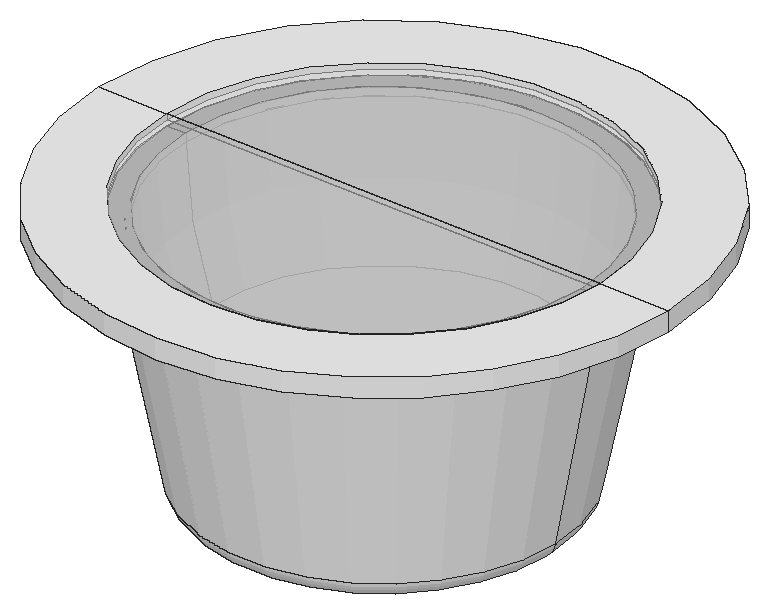
Revit family "2060560+2039013 Sylvania Lighting Fixture ASCENT 100 II ARCH 2700 3K STD 160 with IP54 PC Cover", category Lighting Fixtures, host Face, Revit 2016
Family settings
  Host = Face
  Part Type = Normal
  Round Connector Dimension = Use Diameter
  OmniClass Number = 23.80.70.11.17
  OmniClass Title = Specialized Lighting by Location or Use
  Cut with Voids When Loaded = No
  Light Source = Yes
  Shared = No
  Room Calculation Point = No
Parameters (values of type "2060560+2039013 ASCT100 II ARCH 2700 3K STD 160 with IP54 PC Cover")
  WidthBezelAcc_SYL = 25.0 mm
  Weight = "1.2 kg"
  Wattage = 21 W
  WarrantyStartDate [instance] = "n/a"
  WarrantyGuarantorParts = "n/a"
  WarrantyDurationUnit = "n/a"
  WarrantyDurationParts = "n/a"
  WarrantyDescription = "n/a"
  built-in parameter 1150110 = 1 (stored number, unit not read)
  Voltage = 0 V
  VisibilityAccessory_SYL = yes
  TypeName = "ASCENT 100 II ARCH 2700 3K STD 160 with IP54 PC Cover"
  built-in parameter 1114217 = 1 (stored number, unit not read)
  Tilt Angle = -90°
  built-in parameter 1150109 = 1 (stored number, unit not read)
  built-in parameter 1150134 = (empty or 0)
  built-in parameter 1150113 = 1 (stored number, unit not read)
  SerialNumber [instance] = "n/a"
  ReflectorRadius_SYL = Radius_SYL - 14.5 mm  # 80.0 mm
  RadiusAcc_SYL = 105.0 mm
  Radius_SYL = 94.5 mm
  URL = "http://www.sylvania-lighting.com"
  PowerFactor = 0
  PowerConsumption = "21 W"
  Photometric Web File = "2060560.ies"
  NominalWidth = 0.0 mm
  NominalLength = 0.0 mm
  NominalHeight = 94.0 mm
  Name = "ASCENT 100 II ARCH 2700 3K STD 160 with IP54 PC Cover"
  ModelReference = "ASCENT 100 II ARCH 2700 3K STD 160 with IP54 PC Cover"
  ModelNumber = "2060560+2039013"
  Material_4_SYL = none
  Material_3_SYL = Polycarbonate_Sylvania_Ascent_Clear
  Material_2_SYL = Aluminium_Sylvania_Ascent_Silver
  Material_1_SYL = Aluminum_Sylvania_Ascent_White
  Material = "aluminium housing, arcylic diffuser"
  ManufacturerName = "Feilo Sylvania"
  LuminousEfficacy = "126 lm/W"
  built-in parameter 1150105 = 210.56 (stored number, unit not read)
  Lumens = 2646 lm
  LuminaireType = ""
  built-in parameter 1150115 = 1 (stored number, unit not read)
  LightOutputRatio = "100"
  built-in parameter 1150137 = (empty or 0)
  built-in parameter 1150139 = (empty or 0)
  LampsType = Lamp  # "LED"
  LampNominalLuminous = "2649 lm"
  LampMacAdamStep = "3"
  LampColourTemperature = "3000 K"
  LampColourRenderingIndex = "80"
  built-in parameter 1150112 = 1 (stored number, unit not read)
  built-in parameter 1150114 = 1 (stored number, unit not read)
  Keynote = "16500"
  InstallationDate [instance] = "n/a"
  InputVoltage = "n/a"
  InputNominalFrequency = "n/a"
  built-in parameter 1150132 = (empty or 0)
  built-in parameter 1150102 = (empty or 0)
  built-in parameter 1150107 = 3000 (stored number, unit not read)
  built-in parameter 1150138 = (empty or 0)
  IngressProtection = "IP54"
  ImpactProtectionIndex = "IK02"
  built-in parameter 1150106 = 2.1056 (stored number, unit not read)
  IfcExportType = "IfcLightFixtureType"
  IfcExportAs = "IfcLightFixtureType"
  Height_SYL = 94.0 mm
  HeightAcc_SYL = 7.0 mm
  ExpectedLife = 50000
  EmittionSurface_SYL = if(VisibilityAccessory_SYL, 7.0 mm, 3.0 mm)  # 7.0 mm
  Emit from Circle Diameter = DiffuserRadius_SYL * 2  # 146.0 mm
  Emit Shape Visible in Rendering = no
  ElectricShockClassification = "Class II"
  built-in parameter 1150104 = 11.706 (stored number, unit not read)
  DurationUnit = "hours"
  DocumentationLiterature = "http://www.sylvania-lighting.com/product/en-int/products/2060560"
  DimmingControlOptions = "n/a"
  Dimming Lamp Color Temperature Shift = <None>
  DiffuserRadius_SYL = ReflectorRadius_SYL - 7.0 mm  # 73.0 mm
  Diameter_SYL = 2 * Radius_SYL  # 189.0 mm
  CutoutDiameter_SYL = Diameter_SYL - 13.0 mm  # 176.0 mm
  CreatedOn = "9/17/2018"
  CreatedBy = "@sylvania-lighting.com"
  Color Filter = 16777215
  built-in parameter 1114216 [instance] = 1 (stored number, unit not read)
  Model = "ASCENT 100 II ARCH 2700 3K STD 160 with IP54 PC Cover"
  Manufacturer = "Feilo Sylvania"
  Lamp = "LED"
  Description = "Direct LED retro fit for original LED 100 Arch (160) single CFL lamp offering Matching lumen levels and improved light distribution of original LED 100 CFL lamp equivalents Typically half the power consumption compared to CFL Up to 112lm/W 160mm aperture Architectural reflector accepts range of glass accessories from existing LED 100 Arch 160 offering HE, HO and VHO versions equivalent of single 1 x 18W, 1 x 32W, 1 x 42W\r\n Additional VVHO versions which offer the performance circa 2 x 32W equivalent"  # constant formula
  Default Elevation = 0.0 mm
  built-in parameter 1140040 [instance] = 1
  BarCode [instance] = "n/a"
  built-in parameter 1114218 = 1 (stored number, unit not read)
  built-in parameter 1150133 = 10 (stored number, unit not read)
  AssetType = "Fixed"
  AssetIdentifier [instance] = "n/a"
  Assembly Code = "D5020200"
  Apparent Load = 21 VA
  Aperture_SYL = 2 * ReflectorRadius_SYL  # 160.0 mm
Reference planes
  plane 1 "Center (Front/Back)": y = 0
  plane 2: z = 0
  plane 3 "Center (Left/Right)": x = 0
  plane 4 "Fixture Bottom": z = 3
  plane 5: z = -52.5
  plane 6 "Fixture Top": z = -91
  plane 7: x = -105
  plane 8: z = 7
  plane 9: x = -80
  plane 10: z = 5
  plane 11: x = -103
Forms (mm)
  Extrusion 1, solid, material "Aluminum_Sylvania_Ascent_White", detail levels fine
    sketch origin (0, 0, 0) x (1, 0, 0) y (0, 1, 0)
      loop
        circle (0, 0) r 94.5
      loop
        circle (0, 0) r 80
    from 0 to 3
  Extrusion 2, void
    sketch origin (0, 0, 0) x (1, 0, 0) y (0, 1, 0)
      loop
        circle (0, 0) r 88
    from -91 to 3
  Revolve 3, solid, material "Aluminum_Sylvania_Ascent_White" <- "Material_1_SYL", detail levels fine
    sketch origin (0, 0, 0) x (1, 0, 0) y (0, 0, 1)
      loop
        line (0, -91.073) -> (0, -89.023) -> (-55.468, -89.014)
        arc (-55.468, -89.014) -> (-59.352, -87.613) -> (-61.54, -84.139) r 6.307
        line (-61.54, -84.139) -> (-77.991, -2.844) -> (-77.991, 0) -> (-80, 0) -> (-80, -3) -> (-63.5, -84.536)
        arc (-63.5, -84.536) -> (-60.643, -89.203) -> (-55.5, -91.073) r 8.291
        line (-55.5, -91.073) -> (0, -91.073)
      axis (0, 0) -> (0, -91.073)
    angle from 0 to 360
  Revolve 4, solid, material "Aluminium_Sylvania_Ascent_Silver" <- "Material_2_SYL", detail levels fine
    sketch origin (0, 0, 0) x (1, 0, 0) y (0, 0, 1)
      loop
        line (-80, 3) -> (-80, 0) -> (-75, 0)
        arc (-75, 0) -> (-72.349, -26.77) -> (-64.5, -52.5) r 136.5
        line (-64.5, -52.5) -> (-58, -52.5)
        arc (-58, -52.5) -> (-56.857, -61.521) -> (-53.5, -69.971) r 36.166
        line (-53.5, -69.971) -> (0, -69.971) -> (0, -50.5) -> (-63.16, -50.5)
        arc (-63.16, -50.5) -> (-70.517, -25.725) -> (-73, 0) r 134.5
        line (-73, 0) -> (-73, 3) -> (-80, 3)
      axis (0, 3) -> (0, -69.971)
    angle from 0 to 360
  Extrusion 5, solid, material "Polycarbonate_Sylvania_Ascent_Clear" <- "Material_3_SYL", detail levels fine
    sketch origin (0, 0, 0) x (1, 0, 0) y (0, 1, 0)
      loop
        circle (0, 0) r 73
    from 0 to 3
  Revolve 6, solid, material "Aluminum_Sylvania_Ascent_White" <- "Material_1_SYL", detail levels coarse+medium
    sketch origin (0, 0, 0) x (1, 0, 0) y (0, 0, 1)
      loop
        line (0, -91.073) -> (0, 3) -> (-94.5, 3) -> (-94.5, 0) -> (-79.5, 0) -> (-79.5, -3) -> (-63, -84.536)
        arc (-63, -84.536) -> (-60.143, -89.203) -> (-55, -91.073) r 8.291
        line (-55, -91.073) -> (0, -91.073)
      axis (0, 3) -> (0, -91.073)
    angle from 0 to 360
  Revolve 7, solid, material "Aluminum_Sylvania_Ascent_White" <- "Material_1_SYL", visible <- "VisibilityAccessory_SYL"
    sketch origin (0, 0, 0) x (1, 0, 0) y (0, 0, 1)
      loop
        line (-105, 0) -> (-103, 0) -> (-103, 5) -> (-80, 5) -> (-80, 7) -> (-105, 7) -> (-105, 0)
      axis (0, 7) -> (0, 0)
    angle from 0 to 360
  Revolve 8, solid, material "Polycarbonate_Sylvania_Ascent_Clear" <- "Material_3_SYL", visible <- "VisibilityAccessory_SYL"
    sketch origin (0, 0, 0) x (1, 0, 0) y (0, 0, 1)
      loop
        line (-80, 7) -> (-80, 5) -> (0, 5) -> (0, 7) -> (-80, 7)
      axis (0, 7) -> (0, 5)
    angle from 0 to 360
Lines and regions (mm)
  reference lines
    curve 1: line (-150, 0, 7) -> (125, 0, 7)
Dimensions and locks
  locked: plane 4 "Fixture Bottom" to plane 2 at 3
  "Height_SYL": plane 4 "Fixture Bottom" to plane 6 "Fixture Top"
  "ReflectorRadius_SYL": plane 3 "Center (Left/Right)" to Revolve 4 sketch curve
  locked: Revolve 4 sketch curve to Revolve 4 sketch curve at 15.5
  locked: Revolve 4 sketch curve to Revolve 4 sketch curve at 5
  locked: Revolve 4 sketch curve to Revolve 4 sketch curve at 7
  locked: Revolve 4 sketch curve to Revolve 4 sketch curve at 22
  locked: Revolve 4 sketch curve to Revolve 4 sketch curve at 26.5
  locked: Revolve 3 sketch curve to Revolve 3 sketch curve at 16.5
  locked: Revolve 3 sketch curve to Revolve 3 sketch curve at 24.5
  "ReflectorRadius_SYL": Revolve 3 sketch curve to plane 3 "Center (Left/Right)"
  locked: Revolve 3 sketch curve to plane 6 "Fixture Top" at 6.464
  locked: plane 2 to Revolve 3 sketch curve at 3
  locked: Revolve 3 sketch curve to Revolve 3 sketch curve at 2
  locked: Revolve 3 sketch curve to Revolve 3 sketch curve at 2.009
  locked: plane 2 to plane 5 at 52.5
  locked: Revolve 6 sketch curve to Revolve 6 sketch curve at 31.5
  locked: Revolve 6 sketch curve to Revolve 6 sketch curve at 39.5
  locked: Revolve 6 sketch curve to Revolve 6 sketch curve at 15
  "Radius_SYL": plane 3 "Center (Left/Right)" to Revolve 6 sketch curve
  "RadiusAcc_SYL": plane 3 "Center (Left/Right)" to plane 7
  "HeightAcc_SYL": plane 8 to level
  "WidthBezelAcc_SYL": plane 7 to plane 9
  locked: plane 7 to plane 11 at 2
  locked: plane 8 to plane 10 at 2
  "EmittionSurface_SYL": curve 1 to level
  "CutoutDiameter_SYL": diameter of Extrusion 2 sketch curve
  "ReflectorRadius_SYL": radius of Extrusion 1 sketch curve
  "DiffuserRadius_SYL": radius of Extrusion 5 sketch curve
  "Radius_SYL": radius of Extrusion 1 sketch curve
  aligned and locked: host face to plane 2
  aligned and locked: host face to level
  aligned and locked: plane 4 "Fixture Bottom" to Extrusion 1
  aligned and locked: Extrusion 1 to plane 2
  aligned and locked: Revolve 3 sketch curve to plane 3 "Center (Left/Right)"
  aligned and locked: Revolve 4 sketch curve to plane 3 "Center (Left/Right)"  (x2)
  aligned and locked: plane 4 "Fixture Bottom" to Revolve 4 sketch curve
  aligned and locked: Extrusion 5 to plane 2
  aligned and locked: plane 2 to Revolve 3 sketch curve  (x2)
  aligned and locked: Revolve 6 sketch curve to plane 3 "Center (Left/Right)"
  aligned and locked: plane 6 "Fixture Top" to Extrusion 2
  aligned and locked: Revolve 7 sketch curve to plane 3 "Center (Left/Right)"
  aligned and locked: host face to Revolve 7 sketch curve  (x2)
  aligned and locked: Revolve 7 sketch curve to plane 7
  aligned and locked: plane 8 to Revolve 7 sketch curve
  aligned and locked: plane 9 to Revolve 7 sketch curve
  aligned and locked: Revolve 7 sketch curve to plane 10
  aligned and locked: plane 11 to Revolve 7 sketch curve
  aligned and locked: Revolve 7 to Revolve 8 sketch curve
  aligned and locked: Revolve 8 sketch curve to Revolve 7  (x2)
  aligned and locked: Revolve 8 sketch curve to plane 3 "Center (Left/Right)"  (x2)
  aligned and locked: plane 3 "Center (Left/Right)" to imposter light
  aligned and locked: imposter light to plane 1 "Center (Front/Back)"
  aligned and locked: imposter light to curve 1
Automatic sketch dimensions
  plane 1 "Center (Front/Back)" to Extrusion 2 sketch curve = 0.0 mm
  Extrusion 2 sketch curve to plane 3 "Center (Left/Right)" = 0.0 mm
  Extrusion 1 sketch curve to Extrusion 1 sketch curve = 0.0 mm  (x2)
  plane 1 "Center (Front/Back)" to Extrusion 1 sketch curve = 0.0 mm
  Extrusion 1 sketch curve to plane 3 "Center (Left/Right)" = 0.0 mm
  plane 6 "Fixture Top" to Revolve 3 sketch curve = 0.073 mm
  Revolve 3 sketch curve to plane 6 "Fixture Top" = 6.861 mm
  Revolve 3 sketch curve to Revolve 3 sketch curve = 0.003 mm
  Revolve 3 sketch curve to Revolve 3 sketch curve = 0.009 mm  (x2)
  Revolve 3 sketch curve to Revolve 3 sketch curve = 0.023 mm
  Revolve 3 sketch curve to Revolve 3 sketch curve = 0.072 mm
  Revolve 3 sketch curve to Revolve 3 sketch curve = 0.008 mm
  Revolve 3 sketch curve to plane 6 "Fixture Top" = 1.977 mm
  Revolve 3 sketch curve to Revolve 3 sketch curve = 33.496 mm
  Revolve 3 sketch curve to Revolve 3 sketch curve = 0.028 mm
  plane 4 "Fixture Bottom" to Revolve 3 sketch curve = 82.431 mm
  Revolve 4 sketch curve to Revolve 4 sketch curve = 0.0 mm  (x2)
  Revolve 4 sketch curve to plane 5 = 0.0 mm
  Revolve 4 sketch curve to level = 0.0 mm
  plane 5 to Revolve 4 sketch curve = 2.0 mm
  plane 4 "Fixture Bottom" to Revolve 4 sketch curve = 9.642 mm
  plane 1 "Center (Front/Back)" to Extrusion 5 sketch curve = 0.0 mm
  Extrusion 5 sketch curve to plane 3 "Center (Left/Right)" = 0.0 mm
  Revolve 4 sketch curve to level = 69.971 mm
  Revolve 4 sketch curve to Revolve 4 sketch curve = 2.387 mm
  Revolve 6 sketch curve to level = 0.0 mm
  Revolve 6 sketch curve to plane 3 "Center (Left/Right)" = 0.0 mm
  Revolve 6 sketch curve to Revolve 6 sketch curve = 8.104 mm
  Revolve 6 sketch curve to level = 3.0 mm
  Revolve 6 sketch curve to plane 6 "Fixture Top" = 6.464 mm
  plane 6 "Fixture Top" to Revolve 6 sketch curve = 0.073 mm
  Revolve 6 sketch curve to Revolve 6 sketch curve = 33.496 mm
  plane 4 "Fixture Bottom" to Revolve 6 sketch curve = 82.431 mm
  host sketch curve to host sketch curve = 1704.996 mm
  host sketch curve to host sketch curve = 1500.0 mm
  plane 6 "Fixture Top" to Revolve 7 sketch curve = 281.274 mm
  Revolve 7 sketch curve to plane 8 = 1140.706 mm
  plane 6 "Fixture Top" to Revolve 8 sketch curve = 281.274 mm
  Revolve 8 sketch curve to Revolve 8 sketch curve = 1140.706 mm
  Revolve 3 sketch curve to plane 3 "Center (Left/Right)" = 0.0 mm
  Revolve 6 sketch curve to plane 4 "Fixture Bottom" = 0.0 mm
  plane 7 to curve 1 = 45.0 mm
  plane 3 "Center (Left/Right)" to curve 1 = 125.0 mm
Connectors
  electrical at (0, 0, -91.073), driven by "Apparent Load"
    settings: on Revolve 3, index 1, voltage 240 V, apparent load 0 VA, apparent load phase1 21 VA, apparent load phase2 0 VA, apparent load phase3 0 VA, power factor 1, load classification "Lighting", number of poles 1, system type 31, power factor state 1, is connector primary yes, connector utility no, sub classification motor no, connector description ""
